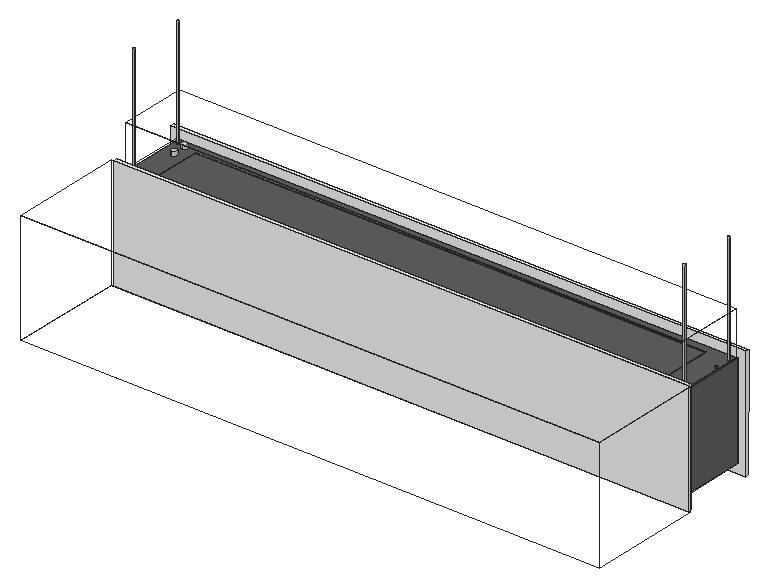
Revit family "191203_01_AIRTECNICS_AIR CURTAIN_ZEN BB_WATER HEATED (P)", category Mechanical Equipment, Revit 2016
Family settings
  Part Type = Normal
  Round Connector Dimension = Use Diameter
  OmniClass Number = 23.75.70.21.17
  OmniClass Title = Air Curtains
  Work Plane-Based = No
  Always vertical = Yes
  Cut with Voids When Loaded = No
  Shared = No
  Room Calculation Point = No
Parameters (values of type "ZEN BB 2500 P")
  · POSITION · [instance] = "-/ Select Curtain Position /-"  # constant formula
  · PIPES POSITION · [instance] = "-/ Select Pipes Position /-"  # constant formula
  · OTHERS · [instance] = "-/ Select Supports - Inst.Maint. Space /-"  # constant formula
  · HEATING · [instance] = "-/ Select Heating /-"  # constant formula
  Weight [instance] = size_lookup("ZEN BB_(P)_Data_Lookup", "Weight", 1.00 kg, CT, CH)  # 115.00 kg
  Water Pipes_P4 [instance] = no
  Water Pipes_P3 [instance] = no
  Water Pipes_P2 (Std) [instance] = if(or(Water Pipes_P1, Water Pipes_P3, Water Pipes_P4), 1 = 0, 1 = 1)  # yes
  Water Pipes_P1 [instance] = no
  Water Flow Connector [instance] = size_lookup("ZEN BB_(P)_Data_Lookup", "Water Flow_connector", 1.0 L/s, CT, CH)  # 0.555556 L/s
  Water Drop Pressure [instance] = size_lookup("ZEN BB_(P)_Data_Lookup", "Water Drop Pressure", 1.0 Pa, CT, CH)  # 11880.0 Pa
  Water Coil Volume [instance] = size_lookup("ZEN BB_(P)_Data_Lookup", "Water Coil Volume", 1.0 L, CT, CH)  # 3.3 L
  Water Coil Rows [instance] = size_lookup("ZEN BB_(P)_Data_Lookup", "Water Coil Rows", 1, CT, CH)  # 2
  Voltage [instance] = 230 V  # constant formula
  Vertical Right [instance] = no
  Vertical Left [instance] = no
  URL_Manufacturer = "https://www.airtecnics.com/"
  URL_Datasheet = "https://www.airtecnics.com/download/file/7538/zen-bb.pdf"
  Supports Length [instance] = 500.0 mm
  Supports (Horizontal) [instance] = yes
  Revit Version = "Revit 2016 - English"  # constant formula
  Review Date = "12/19"  # constant formula
  Remote Control = "-"  # constant formula
  URL = "https://www.airtecnics.com/products/air-curtain-zen-bb"
  Product Size = if(L = 1000.0 mm, "1000", if(L = 1500.0 mm, "1500", if(L = 2000.0 mm, "2000", "2500")))  # "2500"
  Product Reference [instance] = size_lookup("ZEN BB_(P)_Ref_Lookup", "", "Consult Manufacturer", CT, CH)  # "ZEN BB 2500 P86"
  Product Heating [instance] = if(and([P54 - 50/40ºC - 4 ROWS], not([P64 - 60/40ºC - 3 ROWS]), not([P86 - 80/60ºC - 2 ROWS])), "P54 - 50/40ºC - 4 ROWS", if(and([P64 - 60/40ºC - 3 ROWS], not([P54 - 50/40ºC - 4 ROWS]), not([P86 - 80/60ºC - 2 ROWS])), "P64 - 60/40ºC - 3 ROWS", if(and([P86 - 80/60ºC - 2 ROWS], not([P54 - 50/40ºC - 4 ROWS]), not([P64 - 60/40ºC - 3 ROWS])), "P86 - 80/60ºC - 2 ROWS", "Consult Manufacturer")))  # "P86 - 80/60ºC - 2 ROWS"
  Product Description [instance] = size_lookup("ZEN BB_(P)_Data_Lookup", "", "Consult Manufacturer", CT, CH)  # "Decorative air curtain in contemporary architectural style. Its minimalist and smart design integrates in any environment and offers infinite options to customize.\r\nThe panels can include logos, lighting, signage, safety or information signs, graphics, pictures, clocks, all according to customer specifications.\r\nFront anodized aluminium panels. Optionally manufactured in brushed or mirror polished stainless steel. Other materials are possible, such as galvanized steel, smooth or texturated skinplate, wood, etc.\r\nCentral structure made of galvanized steel finished in black forge as standard. Other colours are available on request. \r\nAnodized aluminium outlet vanes, airfoil shaped, adjustable in both directions.\r\nEC Double-inlet centrifugal fans driven by an external rotor motor and low noise level, with very low consumption efficency fans.\r\n“P” type with water heated coil. \r\nIncludes Clever control (programmable, automatic, intelligent, energy saving, Modbus RTU for BMS…)\r\nAir Volume: 8750 m3/h \r\nFans:  2,037 kW  9,03 A 230Vx1 50/60Hz\r\nHeating power: 46,38 kW (80/60ºC)\r\nDimensions: 341x513x2620 mm (depth, height, length)"
  Power Fans Factor [instance] = 0.98  # constant formula
  Power Fans [instance] = size_lookup("ZEN BB_(P)_Data_Lookup", "Power Fans", 1 kW, CT, CH)  # 2.037 kW
  P86 - 80/60ºC - 2 ROWS [instance] = if(or([P54 - 50/40ºC - 4 ROWS], [P64 - 60/40ºC - 3 ROWS]), 1 = 0, 1 = 1)  # yes
  P64 - 60/40ºC - 3 ROWS [instance] = no
  P54 - 50/40ºC - 4 ROWS [instance] = no
  P = 1 = 1  # yes
  Noise Level (dB(A)) [instance] = size_lookup("ZEN BB_(P)_Data_Lookup", "Noise Level (dB(A))", 1, CT, CH)  # 68
  Model = "Air Curtain ZEN BB P"  # constant formula
  Material Panels [instance] = AIRTECNICS_Alumium Anodized
  Material Grille = AIRTECNICS_Perforated_Black Forge
  Material Curtain [instance] = AIRTECNICS_Black Forge
  Mainfolds [instance] = if(and(CH = 2, or(CW = 0, CW = 4), or(CT = 16, CT = 32)), "2x 1 1/4'' F", if(and(CH = 2, or(CW = 2, CW = 8), or(CT = 16, CT = 32)), "2x 1 1/4'' M", if(or(CW = 2, CW = 8), "2x 1'' M", "2x 1'' F")))  # "2x 1'' F"
  Length = if(L = 1000.0 mm, 1220.0 mm, if(L = 1500.0 mm, 1620.0 mm, if(L = 2000.0 mm, 2120.0 mm, 2620.0 mm)))  # 2620.0 mm
  Height = 513.0 mm  # constant formula
  Heating Capacity [instance] = size_lookup("ZEN BB_(P)_Data_Lookup", "Heating Capacity", 1 kW, CT, CH)  # 42.12 kW
  Frequency = 50 Hz  # constant formula
  Fans Stage = 5  # constant formula
  Family Version = "3.0"  # constant formula
  Depth = 341.0 mm  # constant formula
  D_Pipping_Connector [instance] = if(and(L = 2500 mm, [P54 - 50/40ºC - 4 ROWS]), 31 mm, 25 mm)  # 25 mm
  Current Fans [instance] = size_lookup("ZEN BB_(P)_Data_Lookup", "Current Fans", 1 A, CT, CH)  # 9.03 A
  Created by = "BIMETRICAL"  # constant formula
  Control [instance] = "Clever Kit"  # constant formula
  Cable = "-"  # constant formula
  CW [instance] = if(Water Pipes_P1, 2, 0) + if(Water Pipes_P3, 4, 0) + if(Water Pipes_P4, 8, 0)  # 0
  CT = if(L = 1000.0 mm, 2, 0) + if(L = 1500.0 mm, 4, 0) + if(L = 2000.0 mm, 8, 0) + if(L = 2500.0 mm, 16, 0)  # 16
  CH [instance] = if([P54 - 50/40ºC - 4 ROWS], 2, 0) + if([P64 - 60/40ºC - 3 ROWS], 4, 0)  # 0
  Aspiration/Maintenance Space [instance] = yes
  Apparent Load [instance] = size_lookup("ZEN BB_(P)_Data_Lookup", "Apparent Load", 1 VA, CT, CH)  # 2079 VA
  Airflow [instance] = size_lookup("ZEN BB_(P)_Data_Lookup", "Airflow", 1 m³/h, CT, CH)  # 8750 m³/h
  A [instance] = if(Horizontal, 256.5 mm, if(L < 1500.0 mm, (1220.0 mm / 2) + 18.0 mm, (L + 120.0 mm) / 2 + 18.0 mm))  # 256.5 mm
  L = 2500.0 mm
  Type Image = <None>
  IfcExportType = "WATERHEATINGCOIL"  # constant formula
  IfcExportAs = "IfcCoilType"  # constant formula
  Horizontal [instance] = not(or(Vertical Right, Vertical Left))  # yes
  Manufacturer = "AIRTECNICS"  # constant formula
  Description = ""
  Type Comments = "Decorative air curtain in contemporary architectural style. Its minimalist and smart design integrates in any environment and offers infinite options to customize.\r\nThe panels can include logos, lighting, signage, safety or information signs, graphics, pictures, clocks, all according to customer specifications.\r\nFront anodized aluminium panels. Optionally manufactured in brushed or mirror polished stainless steel. Other materials are possible, such as galvanized steel, smooth or texturated skinplate, wood, etc.\r\nCentral structure made of galvanized steel finished in black forge as standard. Other colours are available on request. \r\nAnodized aluminium outlet vanes, airfoil shaped, adjustable in both directions.\r\nEC Double-inlet centrifugal fans driven by an external rotor motor and low noise level, with very low consumption efficency fans.\r\n“P” type with water heated coil. “E” type with electrical shielded elements, three stages with integrated regulation. “A” type without heating, air only. Optional expansion DX coil.\r\nIncludes Clever control (programmable, automatic, intelligent, energy saving, Modbus RTU for BMS…)"  # constant formula
  BIMETRICAL Category = "Coil"  # constant formula
  BIMETRICAL = "http://www.bimetrical.com"  # constant formula
  Angle [instance] = if(Horizontal, 90.00°, if(Vertical Left, 0.00°, 180.00°))  # 90.00°
Types (4, lengths in mm): name | Weight | Water Flow Connector | Water Drop Pressure | Water Coil Volume | Product Size | Product Reference | Product Description | Power Fans | Noise Level (dB(A)) | Length | Heating Capacity | Current Fans | CT | Apparent Load | Airflow | L
  ZEN BB 2500 P | 115.00 kg | 0.555556 L/s | 11880.0 Pa | 3.3 L | "2500" | "ZEN BB 2500 P86" | "Decorative air curtain in contemporary architectural style. Its minimalist and smart design integrates in any environment and offers infinite options to customize.\r\nThe panels can include logos, lighting, signage, safety or information signs, graphics, pictures, clocks, all according to customer specifications.\r\nFront anodized aluminium panels. Optionally manufactured in brushed or mirror polished stainless steel. Other materials are possible, such as galvanized steel, smooth or texturated skinplate, wood, etc.\r\nCentral structure made of galvanized steel finished in black forge as standard. Other colours are available on request. \r\nAnodized aluminium outlet vanes, airfoil shaped, adjustable in both directions.\r\nEC Double-inlet centrifugal fans driven by an external rotor motor and low noise level, with very low consumption efficency fans.\r\n“P” type with water heated coil. \r\nIncludes Clever control (programmable, automatic, intelligent, energy saving, Modbus RTU for BMS…)\r\nAir Volume: 8750 m3/h \r\nFans:  2,037 kW  9,03 A 230Vx1 50/60Hz\r\nHeating power: 46,38 kW (80/60ºC)\r\nDimensions: 341x513x2620 mm (depth, height, length)" | 2.037 kW | 68 | 2620.0 | 42.12 kW | 9.03 A | 16 | 2079 VA | 8750 m³/h | 2500.0
  ZEN BB 2000 P | 95.00 kg | 0.444444 L/s | 12680.0 Pa | 2.6 L | "2000" | "ZEN BB 2000 P86" | "Decorative air curtain in contemporary architectural style. Its minimalist and smart design integrates in any environment and offers infinite options to customize.\r\nThe panels can include logos, lighting, signage, safety or information signs, graphics, pictures, clocks, all according to customer specifications.\r\nFront anodized aluminium panels. Optionally manufactured in brushed or mirror polished stainless steel. Other materials are possible, such as galvanized steel, smooth or texturated skinplate, wood, etc.\r\nCentral structure made of galvanized steel finished in black forge as standard. Other colours are available on request. \r\nAnodized aluminium outlet vanes, airfoil shaped, adjustable in both directions.\r\nEC Double-inlet centrifugal fans driven by an external rotor motor and low noise level, with very low consumption efficency fans.\r\n“P” type with water heated coil. \r\nIncludes Clever control (programmable, automatic, intelligent, energy saving, Modbus RTU for BMS…)\r\nAir Volume: 7500 m3/h \r\nFans:  1,746 kW  7,74 A 230Vx1 50/60Hz\r\nHeating power: 38,44 kW (80/60ºC)\r\nDimensions: 341x513x2120 mm (depth, height, length)" | 1.746 kW | 67 | 2120.0 | 35.04 kW | 7.74 A | 8 | 1782 VA | 7500 m³/h | 2000.0
  ZEN BB 1500 P | 68.50 kg | 0.277778 L/s | 15260.0 Pa | 1.8 L | "1500" | "ZEN BB 1500 P86" | "Decorative air curtain in contemporary architectural style. Its minimalist and smart design integrates in any environment and offers infinite options to customize.\r\nThe panels can include logos, lighting, signage, safety or information signs, graphics, pictures, clocks, all according to customer specifications.\r\nFront anodized aluminium panels. Optionally manufactured in brushed or mirror polished stainless steel. Other materials are possible, such as galvanized steel, smooth or texturated skinplate, wood, etc.\r\nCentral structure made of galvanized steel finished in black forge as standard. Other colours are available on request. \r\nAnodized aluminium outlet vanes, airfoil shaped, adjustable in both directions.\r\nEC Double-inlet centrifugal fans driven by an external rotor motor and low noise level, with very low consumption efficency fans.\r\n“P” type with water heated coil. \r\nIncludes Clever control (programmable, automatic, intelligent, energy saving, Modbus RTU for BMS…)\r\nAir Volume: 5000 m3/h \r\nFans:  1,164 kW  5,16 A 230Vx1 50/60Hz\r\nHeating power: 26,46 kW (80/60ºC)\r\nDimensions: 341x513x1620 mm (depth, height, length)" | 1.164 kW | 66 | 1620.0 | 24.15 kW | 5.16 A | 4 | 1188 VA | 5000 m³/h | 1500.0
  ZEN BB 1000 P | 47.50 kg | 0.222222 L/s | 12180.0 Pa | 1.1 L | "1000" | "ZEN BB 1000 P86" | "Decorative air curtain in contemporary architectural style. Its minimalist and smart design integrates in any environment and offers infinite options to customize.\r\nThe panels can include logos, lighting, signage, safety or information signs, graphics, pictures, clocks, all according to customer specifications.\r\nFront anodized aluminium panels. Optionally manufactured in brushed or mirror polished stainless steel. Other materials are possible, such as galvanized steel, smooth or texturated skinplate, wood, etc.\r\nCentral structure made of galvanized steel finished in black forge as standard. Other colours are available on request. \r\nAnodized aluminium outlet vanes, airfoil shaped, adjustable in both directions.\r\nEC Double-inlet centrifugal fans driven by an external rotor motor and low noise level, with very low consumption efficency fans.\r\n“P” type with water heated coil. \r\nIncludes Clever control (programmable, automatic, intelligent, energy saving, Modbus RTU for BMS…)\r\nAir Volume: 3750 m3/h \r\nFans:  0,873 kW  3,87 A 230Vx1 50/60Hz\r\nHeating power: 18,21 kW (80/60ºC)\r\nDimensions: 341x513x1220 mm (depth, height, length)" | 0.873 kW | 65 | 1220.0 | 16.48 kW | 3.87 A | 2 | 891 VA | 3750 m³/h | 1000.0
Reference planes
  plane 1 "Centro (Frontal/Posterior)": z = 0
  plane 2: y = 246.57
  plane 3 "Centro (Izquierda/Derecha)": x = 0
  plane 4 "Susp": z = 256.5
Lines and regions (mm)
  reference lines
    curve 1: line (0, 246.57, 256.5) -> (0, 246.57, -83.5)
Dimensions and locks
  "A": plane 4 "Susp" to plane 1 "Centro (Frontal/Posterior)"
  "Angle": angle curve 1 to plane 4 "Susp"
  aligned and locked: plane 4 "Susp" to curve 1
  aligned and locked: plane 3 "Centro (Izquierda/Derecha)" to curve 1
Nested families
  nested 1: "GEOM_ZEN BB" at (0, 246.57, 256.5), type "GEOM_ZEN BB"
Connectors
  piping at (-1217.06, 363.07, 488.02), diameter 25, driven by "Water Flow Connector", driven by "D_Pipping_Connector"
    settings: on nested 1, index 1, connector inside diameter 609.6 mm, connector length 0.0 mm, flow factor 0, pipe flow 0.555556 L/s, pressure drop 0.0 Pa, fitting loss kfactor 0, connector angle 0.00°, fixture units 0, engagement length 0.0 mm, angle of deflection 0.00°, flow configuration 1, flow direction 2, fitting loss method 0, system type 7, joint type 0, gender type 0, connector reference index -1, connector utility 0, adjustable connector no, is connector primary yes, connector description "Out"
  piping at (-1217.06, 303.02, 488.02), diameter 25, driven by "Water Flow Connector", driven by "Water Drop Pressure", driven by "D_Pipping_Connector"
    settings: on nested 1, index 2, connector inside diameter 609.6 mm, connector length 0.0 mm, flow factor 0, pipe flow 0.555556 L/s, pressure drop 11880.0 Pa, fitting loss kfactor 0, connector angle 0.00°, fixture units 0, engagement length 0.0 mm, angle of deflection 0.00°, flow configuration 1, flow direction 1, fitting loss method 4, system type 7, joint type 0, gender type 0, connector reference index -1, connector utility 0, adjustable connector no, is connector primary no, connector description "In"
  electrical at (1255.5, 301.57, 473), driven by "Voltage", driven by "Apparent Load", driven by "Power Fans Factor"
    settings: on nested 1, index 3, voltage 230 V, apparent load 2079 VA, apparent load phase1 0 VA, apparent load phase2 0 VA, apparent load phase3 0 VA, power factor 0.98, load classification "HVAC", number of poles 1, system type 30, power factor state 1, is connector primary yes, connector utility no, sub classification motor no, connector description ""
Definition of nested family "GEOM_ZEN BB"
  Parameters (values of type "GEOM_ZEN BB")
    Z = if(Horizontal, 0.0 mm, if(L = 1000.0 mm, E / 2 + 18.0 mm, E / 2 + 20.0 mm))  # 0.0 mm
    Water Pipes_P4 = no
    Water Pipes_P3 = no
    Water Pipes_P2 = yes
    Water Pipes_P1 = no
    Vsup = yes
    Vertical Right = no
    Vertical Left = no
    VME = if(not([Aspiration/Maintenance Space]), 1 = 0, if(and(P, Vertical Right, Water Pipes_P4), 1 = 0, if(not(P), 1 = 0, 1 = 1)))  # yes
    VMD = if(not([Aspiration/Maintenance Space]), 1 = 0, if(and(P, Vertical Left, Water Pipes_P1), 1 = 0, if(not(P), 1 = 0, 1 = 1)))  # yes
    V1 = if(and(Vsup, Horizontal), 1 = 1, 1 = 0)  # yes
    Revit Version = "Revit 2016 - English"  # constant formula
    Review Date = "12/19"  # constant formula
    P = yes
    O = if(L = 1000.0 mm, 54.5 mm, 52.5 mm)  # 52.5 mm
    Model = "ZEN BB"  # constant formula
    Material Perforated = none
    Material Panels = none
    Material Curtain = none
    Family Version = "3.0"  # constant formula
    Manufacturer = "AIRTECNICS"  # constant formula
    M = if(or(and(Vertical Left, Water Pipes_P1), and(Vertical Right, Water Pipes_P4)), 15.0 mm + 58.0 mm, 15.0 mm)  # 15.0 mm
    Lookup_Dimensions.C2_Name = "C2_Dimensions_Lookup"  # constant formula
    Lookup_Dimensions.C1_Name = "C1_Dimensions_Lookup"  # constant formula
    L_Sup = 500.0 mm
    K = if(L = 2500.0 mm, 833.0 mm, 0.0 mm)  # 833.0 mm
    J = if(L = 1500.0 mm, 764.0 mm, if(L = 2000.0 mm, 1014.0 mm, if(L = 2500.0 mm, 847.0 mm, 573.5 mm)))  # 847.0 mm
    H = if(L < 2500.0 mm, 0.0 mm, 817.0 mm + 16.0 mm)  # 833.0 mm
    G = if(L < 2500.0 mm, (E / 2) - 76.0 mm, 817.0 mm)  # 817.0 mm
    D_Pipping_Connector = 25 mm
    Created by = "BIMETRICAL"  # constant formula
    C_P = if(Water Pipes_P1, 1, if(Water Pipes_P2, 2, if(Water Pipes_P3, 4, 8)))  # 2
    C_L = if(L = 1000.0 mm, 1, if(L = 1500.0 mm, 2, if(L = 2000.0 mm, 4, 8)))  # 8
    C2_D = size_lookup(Lookup_Dimensions.C2_Name, "C2_D", 114.0 mm, C_L, C_P)  # 114.0 mm
    C2_C = size_lookup(Lookup_Dimensions.C2_Name, "C2_C", 68.5 mm, C_L, C_P)  # 68.5 mm
    C2_B = size_lookup(Lookup_Dimensions.C2_Name, "C2_B", 92.9 mm, C_L, C_P)  # 92.94 mm
    C2_A = size_lookup(Lookup_Dimensions.C2_Name, "C2_A", 404.5 mm, C_L, C_P)  # 404.52 mm
    C1_D = size_lookup(Lookup_Dimensions.C1_Name, "C1_D", 54.0 mm, C_L, C_P)  # 54.0 mm
    C1_C = size_lookup(Lookup_Dimensions.C1_Name, "C1_C", 26.5 mm, C_L, C_P)  # 26.52 mm
    C1_B = size_lookup(Lookup_Dimensions.C1_Name, "C1_B", 92.9 mm, C_L, C_P)  # 92.94 mm
    C1_A = size_lookup(Lookup_Dimensions.C1_Name, "C1_A", 447.5 mm, C_L, C_P)  # 446.5 mm
    L = 2500.0 mm
    I = if(L = 1000.0 mm, L + 140.0 mm, L + 44.0 mm)  # 2544.0 mm
    Horizontal = not(or(Vertical Left, Vertical Right))  # yes
    F = I - 54.0 mm  # 2490.0 mm
    E = if(L = 1000.0 mm, L + 220.0 mm, L + 120.0 mm)  # 2620.0 mm
    Default Elevation = 1219.2 mm
    C = if(and(Water Pipes_P4, Horizontal, P), 100.0 mm, if(and(Water Pipes_P4, Vertical Left, P), 100.0 mm, 10.0 mm))  # 10.0 mm
    BIMETRICAL = "http://www.bimetrical.com/"  # constant formula
    B = if(and(Water Pipes_P1, Horizontal, P), 100.0 mm, if(and(Water Pipes_P1, Vertical Right, P), 100.0 mm, 10.0 mm))  # 10.0 mm
    Aspiration/Maintenance Space = yes
    A.Conn_2 = size_lookup(Lookup_Dimensions.C2_Name, "A.Conn_2", 90.00°, C_L, C_P)  # 90.00°
    A.Conn_1 = size_lookup(Lookup_Dimensions.C1_Name, "A.Conn_1", -90.00°, C_L, C_P)  # -90.00°
    A = if(L = 1000.0 mm, L + 115.0 mm, L + 15.0 mm)  # 2515.0 mm
  Reference planes
    plane 1 "Centro (Frontal/Posterior)": y = 0
    plane 2: z = 0
    plane 3 "Centro (Izquierda/Derecha)": x = 0
    plane 4: x = -1310
    plane 5: x = 1310
    plane 6: x = -1270
    plane 7: x = 1270
    plane 8: z = 256.5
    plane 9: z = -256.5
    plane 10: z = 216.5
    plane 11: z = -216.5
    plane 12: y = 170.5
    plane 13: y = 154.5
    plane 14: y = -170.5
    plane 15: y = -154.5
    plane 16: x = -1245
    plane 17: x = 1245
    plane 18: x = -417
    plane 19: x = -422
    plane 20: x = -425
    plane 21: x = -412
    plane 22: x = -409
    plane 23: x = -1242
    plane 24: x = 416
    plane 25: x = 411
    plane 26: x = 408
    plane 27: x = 421
    plane 28: x = 424
    plane 29: y = 116.5
    plane 30: x = -1217.06
    plane 31: z = 190
    plane 32: y = 56.5
    plane 33: z = 148.02
    plane 34: x = -1217.06
    plane 35: x = -820
    plane 36: x = 1320
    plane 37: y = 133.499
    plane 38: y = 64.222
    plane 39: y = 114.86
    plane 40: y = 82.86
  Forms (mm)
    Extrusion 1, solid
      sketch origin (0, 0, 0) x (1, 0, 0) y (0, 1, 0)
        loop
          line (-1219.2, 1219.2) -> (-1219.2, -1219.2) -> (1219.2, -1219.2) -> (1219.2, 1219.2) -> (-1219.2, 1219.2)
      from 0 to -304.8
    Extrusion 2, solid, material <- "Material Panels"
      sketch origin (0, -170.5, 326.389) x (0, 0, 1) y (1, 0, 0)
        loop
          line (-69.889, -1310) -> (-69.889, 1310) -> (-582.889, 1310) -> (-582.889, -1310) -> (-69.889, -1310)
      from 0 to 16
    Extrusion 3, solid, material <- "Material Panels"
      sketch origin (0, 154.5, 326.389) x (0, 0, 1) y (1, 0, 0)
        loop
          line (-69.889, -1310) -> (-69.889, 1310) -> (-582.889, 1310) -> (-582.889, -1310) -> (-69.889, -1310)
      from 0 to 16
    Extrusion 4, solid, material <- "Material Curtain"
      sketch origin (0, 0, 0) x (0, 1, 0) y (0, 0, 1)
        loop
          line (154.5, 216.5) -> (-154.5, 216.5) -> (-154.5, -216.5) -> (154.5, -216.5) -> (154.5, 216.5)
      from -1270 to 1270
    Extrusion 5, void
      sketch origin (-1104.823, -4572, 216.5) x (-1, 0, 0) y (0, -1, 0)
        loop
          line (60.177, -4686) -> (60.177, -4458) -> (-2264.323, -4458) -> (-2264.323, -4686) -> (60.177, -4686)
      from 0 to -93
    Extrusion 6, solid
      sketch origin (-1245, -4572, -102.205) x (0, 0, 1) y (0, -1, 0)
        loop
          line (-114.295, -4654.86) -> (-114.295, -4686.86) -> (-82.295, -4686.86) -> (-82.295, -4654.86) -> (-114.295, -4654.86)
      from 0 to 3
    Extrusion 7, solid
      sketch origin (995, -4572, -102.205) x (0, 0, 1) y (0, 1, 0)
        loop
          line (-114.295, 4686.86) -> (-114.295, 4654.86) -> (-82.295, 4654.86) -> (-82.295, 4686.86) -> (-114.295, 4686.86)
      from -250 to -247
    Extrusion 8, solid
      sketch origin (-425, -4572, -85.115) x (0, 0, 1) y (0, -1, 0)
        loop
          line (-131.385, -4654.86) -> (-131.385, -4686.86) -> (-99.385, -4686.86) -> (-99.385, -4654.86) -> (-131.385, -4654.86)
      from 0 to 3
    Extrusion 9, solid
      sketch origin (-540.688, -4572, -85.115) x (0, 0, 1) y (0, -1, 0)
        loop
          line (-131.385, -4686.86) -> (-99.385, -4686.86) -> (-99.385, -4654.86) -> (-131.385, -4654.86) -> (-131.385, -4686.86)
      from 128.688 to 131.688
    Extrusion 10, solid
      sketch origin (-422, -4572, -85.115) x (0, 0, 1) y (0, -1, 0)
        loop
          line (-131.385, -4705.499) -> (-99.385, -4705.499) -> (-99.385, -4636.222) -> (-131.385, -4636.222) -> (-131.385, -4705.499)
      from 0 to 10
    Extrusion 11, solid
      sketch origin (408, -4572, -85.115) x (0, 0, 1) y (0, -1, 0)
        loop
          line (-131.385, -4686.86) -> (-99.385, -4686.86) -> (-99.385, -4654.86) -> (-131.385, -4654.86) -> (-131.385, -4686.86)
      from 0 to 3
    Extrusion 12, solid
      sketch origin (292.312, -4572, -85.115) x (0, 0, 1) y (0, -1, 0)
        loop
          line (-131.385, -4686.86) -> (-99.385, -4686.86) -> (-99.385, -4654.86) -> (-131.385, -4654.86) -> (-131.385, -4686.86)
      from 128.688 to 131.688
    Extrusion 13, solid
      sketch origin (411, -4572, -85.115) x (0, 0, 1) y (0, -1, 0)
        loop
          line (-131.385, -4636.222) -> (-131.385, -4705.499) -> (-99.385, -4705.499) -> (-99.385, -4636.222) -> (-131.385, -4636.222)
      from 0 to 10
    Extrusion 14, solid, visible <- "P"
      sketch origin (-1217.175, 117.26, 216.52) x (0, 1, 0) y (-1, 0, 0)
        loop
          circle (-0.76, -0.115) r 12.5
      from 0 to 15 <- "M"
    Extrusion 15, solid, visible <- "P"
      sketch origin (-1179.776, 56.5, 216.52) x (0, 1, 0) y (-1, 0, 0)
        loop
          circle (-0.05, 37.284) r 12.5
      from 0 to 15 <- "M"
    Extrusion 16, solid, material <- "Material Curtain"
      sketch origin (-1104.823, -4572, 216.5) x (-1, 0, 0) y (0, -1, 0)
        loop
          circle (-2360.323, -4627) r 5
      from 0 to -1
    Extrusion 17, solid, visible <- "Aspiration/Maintenance Space"
      sketch origin (-422, -4572, -85.115) x (0, 0, 1) y (0, -1, 0)
        loop
          line (501.615, -4726.5) -> (501.615, -4417.5) -> (301.615, -4417.5) -> (301.615, -4726.5) -> (501.615, -4726.5)
      from -848 to 1692
    Extrusion 18, solid, visible <- "Aspiration/Maintenance Space"
      sketch origin (-422, -4572, -85.115) x (0, 0, 1) y (0, -1, 0)
        loop
          line (341.615, -4401.5) -> (341.615, -3881.5) -> (-171.385, -3881.5) -> (-171.385, -4401.5) -> (341.615, -4401.5)
      from -898 to 1742
    Extrusion 19, solid, visible <- "V1"
      sketch origin (-1104.823, -4572, 216.5) x (-1, 0, 0) y (0, -1, 0)
        loop
          circle (150.677, -4698) r 4
        loop
          circle (150.677, -4446) r 4
        loop
          circle (-2360.323, -4698) r 4
        loop
          circle (-2360.323, -4446) r 4
      from -1 to 500
    Extrusion 20, solid, material <- "Material Curtain", visible <- "Vertical Left"
      sketch origin (-1270, -4572, 335.707) x (0, 0, 1) y (0, -1, 0)
        loop
          line (-119.207, -4726.5) -> (-119.207, -4417.5) -> (-552.207, -4417.5) -> (-552.207, -4726.5) -> (-119.207, -4726.5)
      from 0 to -58
    Extrusion 21, solid, material <- "Material Curtain", visible <- "Vertical Right"
      sketch origin (1270, -4572, 335.707) x (0, 0, 1) y (0, 1, 0)
        loop
          line (-552.207, 4417.5) -> (-119.207, 4417.5) -> (-119.207, 4726.5) -> (-552.207, 4726.5) -> (-552.207, 4417.5)
      from 0 to -58
    Extrusion 22, void
      sketch origin (-422, -4572, -85.115) x (0, 0, 1) y (0, -1, 0)
        loop
          line (-62.286, -4705.499) -> (-62.286, -4636.222) -> (-131.385, -4636.222) -> (-131.385, -4705.499) -> (-62.286, -4705.499)
      from -823 to 1667
    Extrusion 23, solid
      sketch origin (-422, -4572, -85.115) x (0, 0, 1) y (0, -1, 0)
        loop
          arc (-128.628, -4679.508) -> (-129.788, -4680.87) -> (-128.6, -4682.207) r 1.363
          line (-128.6, -4682.207) -> (-109.335, -4685.649)
          arc (-109.335, -4685.649) -> (-105.016, -4680.91) -> (-109.832, -4676.675) r 4.495
          line (-109.832, -4676.675) -> (-128.628, -4679.508)
        loop
          line (-128.569, -4662.571) -> (-109.226, -4665.545)
          arc (-109.226, -4665.545) -> (-105.023, -4660.702) -> (-109.94, -4656.586) r 4.495
          line (-109.94, -4656.586) -> (-128.663, -4659.873)
          arc (-128.663, -4659.873) -> (-129.789, -4661.263) -> (-128.569, -4662.571) r 1.363
      from -823 to 1667
    Extrusion 24, solid, visible <- "VMD"
      sketch origin (-1270, -4572, 335.707) x (0, 0, 1) y (0, -1, 0)
        loop
          line (-119.207, -4726.5) -> (-119.207, -4417.5) -> (-552.207, -4417.5) -> (-552.207, -4726.5) -> (-119.207, -4726.5)
      from 0 to -10
    Extrusion 25, solid, visible <- "VME"
      sketch origin (1270, -4572, 335.707) x (0, 0, 1) y (0, 1, 0)
        loop
          line (-552.207, 4726.5) -> (-552.207, 4417.5) -> (-119.207, 4417.5) -> (-119.207, 4726.5) -> (-552.207, 4726.5)
      from 0 to -10
    Extrusion 26, solid, material <- "Material Perforated"
      sketch origin (4942.502, -2468.783, 211.5) x (0, -1, 0) y (1, 0, 0)
        loop
          line (-2354.783, -6107.502) -> (-2354.783, -3783.002) -> (-2582.783, -3783.002) -> (-2582.783, -6107.502) -> (-2354.783, -6107.502)
      from 0 to 5
  Cuts and joins
    Extrusion 5, Extrusion 22 cuts Extrusion 4
    Extrusion 22 cuts Extrusion 21
  Lines and regions (mm)
    reference lines
      curve 1: line (-1217.06, 116.5, 190) -> (-1217.06, 116.5, 216.52)
      curve 2: line (-1217.06, 56.5, 148.02) -> (-1217.06, 56.5, 216.52)
    symbolic lines, visible <- "Aspiration/Maintenance Space"
      curve 3: line (-422, 154.5, 216.5) -> (-422, 154.5, 416.5)
      curve 4: line (-422, 154.5, 416.5) -> (-422, -154.5, 416.5)
      curve 5: line (-422, -154.5, 416.5) -> (-422, -154.5, 216.5)
      curve 6: line (-422, -170.5, 256.5) -> (-422, -690.5, 256.5)
      curve 7: line (-422, -690.5, 256.5) -> (-422, -690.5, -256.5)
      curve 8: line (-422, -690.5, -256.5) -> (-422, -170.5, -256.5)
      curve 9: line (-1270, 56.5, 256.5) -> (-1270, 56.5, 416.5)
      curve 10: line (-1270, 56.5, 416.5) -> (1270, 56.5, 416.5)
      curve 11: line (1270, 56.5, 416.5) -> (1270, 56.5, 256.5)
      curve 12: line (-1310, 56.5, 256.5) -> (-1320, 56.5, 256.5)
      curve 13: line (-1320, 56.5, 256.5) -> (-1320, 56.5, -256.5)
      curve 14: line (-1320, 56.5, -256.5) -> (-1310, 56.5, -256.5)
      curve 15: line (1310, 56.5, 256.5) -> (1320, 56.5, 256.5)
      curve 16: line (1320, 56.5, 256.5) -> (1320, 56.5, -256.5)
      curve 17: line (1320, 56.5, -256.5) -> (1310, 56.5, -256.5)
      curve 18: line (-1310, -170.5, 216.5) -> (-1320, -170.5, 216.5)
      curve 19: line (-1320, -170.5, 216.5) -> (-1320, -690.5, 216.5)
      curve 20: line (-1320, -690.5, 216.5) -> (1320, -690.5, 216.5)
      curve 21: line (1320, -690.5, 216.5) -> (1320, -170.5, 216.5)
      curve 22: line (1320, -170.5, 216.5) -> (1310, -170.5, 216.5)
    symbolic lines
      curve 23: line (-1310, 170.5, 216.5) -> (1310, 170.5, 216.5)
      curve 24: line (-1310, 154.5, 216.5) -> (-1310, 170.5, 216.5)
      curve 25: line (1310, 154.5, 216.5) -> (-1310, 154.5, 216.5)
      curve 26: line (1310, 170.5, 216.5) -> (1310, 154.5, 216.5)
      curve 27: line (-1310, -154.5, 216.5) -> (1310, -154.5, 216.5)
      curve 28: line (-1310, -170.5, 216.5) -> (-1310, -154.5, 216.5)
      curve 29: line (1310, -170.5, 216.5) -> (-1310, -170.5, 216.5)
      curve 30: line (1310, -154.5, 216.5) -> (1310, -170.5, 216.5)
      curve 31: line (-1270, -154.5, 216.5) -> (1270, -154.5, 216.5)
      curve 32: line (-1270, 154.5, 216.5) -> (-1270, -154.5, 216.5)
      curve 33: line (1270, 154.5, 216.5) -> (-1270, 154.5, 216.5)
      curve 34: line (1270, -154.5, 216.5) -> (1270, 154.5, 216.5)
      curve 35: line (-422, -154.5, 256.5) -> (-422, -170.5, 256.5)
      curve 36: line (-422, -154.5, -256.5) -> (-422, -154.5, 256.5)
      curve 37: line (-422, -170.5, -256.5) -> (-422, -154.5, -256.5)
      curve 38: line (-422, -170.5, 256.5) -> (-422, -170.5, -256.5)
      curve 39: line (-422, 154.5, 216.5) -> (-422, -154.5, 216.5)
      curve 40: line (-422, 154.5, -216.5) -> (-422, -154.5, -216.5)
      curve 41: line (-422, 170.5, 256.5) -> (-422, 154.5, 256.5)
      curve 42: line (-422, 170.5, -256.5) -> (-422, 170.5, 256.5)
      curve 43: line (-422, 154.5, -256.5) -> (-422, 170.5, -256.5)
      curve 44: line (-422, 154.5, 256.5) -> (-422, 154.5, -256.5)
      curve 45: arc (-422, 107.508, -213.743) -> (-422, 108.87, -214.903) -> (-422, 110.207, -213.715) r 1.363
      curve 46: line (-422, 110.207, -213.715) -> (-422, 113.649, -194.45)
      curve 47: arc (-422, 113.649, -194.45) -> (-422, 108.91, -190.131) -> (-422, 104.675, -194.947) r 4.495
      curve 48: line (-422, 104.675, -194.947) -> (-422, 107.508, -213.743)
      curve 49: line (-422, 90.571, -213.684) -> (-422, 93.545, -194.342)
      curve 50: line (-422, 84.586, -195.055) -> (-422, 87.873, -213.778)
      curve 51: arc (-422, 87.873, -213.778) -> (-422, 89.263, -214.904) -> (-422, 90.571, -213.684) r 1.363
      curve 52: arc (-422, 93.545, -194.342) -> (-422, 88.702, -190.138) -> (-422, 84.586, -195.055) r 4.495
      curve 53: line (-1245, 93.545, 216.5) -> (1245, 93.545, 216.5)
      curve 54: line (-1245, 84.565, 216.5) -> (-1245, 93.545, 216.5)
      curve 55: line (1245, 84.565, 216.5) -> (-1245, 84.565, 216.5)
      curve 56: line (1245, 93.545, 216.5) -> (1245, 84.565, 216.5)
      curve 57: line (1245, 104.458, 216.5) -> (-1245, 104.458, 216.5)
      curve 58: line (1245, 113.432, 216.5) -> (1245, 104.458, 216.5)
      curve 59: line (-1245, 113.432, 216.5) -> (1245, 113.432, 216.5)
      curve 60: line (-1245, 104.458, 216.5) -> (-1245, 113.432, 216.5)
  Dimensions and locks
    equal spacing: plane 5, plane 3 "Centro (Izquierda/Derecha)", plane 4
    "E": plane 5 to plane 4
    locked: plane 6 to plane 4 at 40
    locked: plane 7 to plane 5 at 40
    equal spacing: plane 8, level, plane 9
    locked: plane 8 to level at 256.5
    plane 8 to plane 9 = 513.0 mm
    locked: plane 8 to plane 10 at 40
    locked: plane 9 to plane 11 at 40
    locked: plane 12 to plane 13 at 16
    locked: plane 14 to plane 15 at 16
    locked: plane 12 to plane 1 "Centro (Frontal/Posterior)" at 170.5
    equal spacing: plane 12, plane 1 "Centro (Frontal/Posterior)", plane 14
    equal spacing: Extrusion 5 sketch curve, plane 1 "Centro (Frontal/Posterior)", Extrusion 5 sketch curve
    locked: Extrusion 5 sketch curve to Extrusion 5 sketch curve at 228
    locked: plane 4 to Extrusion 5 sketch curve at 145
    locked: Extrusion 5 sketch curve to plane 5 at 150.5
    locked: plane 16 to plane 4 at 65
    locked: plane 17 to plane 5 at 65
    locked: Extrusion 7 to plane 17 at 3
    plane 22 to plane 21 to plane 18 to plane 19 to plane 20 = 3.0 mm locked, 5.0 mm locked, 5.0 mm locked, 3.0 mm locked
    locked: plane 23 to plane 16 at 3
    "G": plane 20 to plane 23
    plane 28 to plane 27 to plane 24 to plane 25 to plane 26 = 3.0 mm locked, 5.0 mm locked, 5.0 mm locked, 3.0 mm locked
    "H": plane 26 to plane 20
    locked: plane 10 to cut or joined group of Extrusion 4, Extrusion 5, Extrusion 22 at 93
    "C1_D": plane 29 to plane 12
    "C1_B": plane 30 to plane 4
    "C1_A": plane 31 to plane 9
    "C1_C": curve 1 to curve 1
    "C2_D": plane 32 to plane 12
    "C2_A": plane 33 to plane 9
    "C2_B": plane 34 to plane 4
    plane 34 to plane 7 = 2487.06 mm
    "C2_C": curve 2 to curve 2
    locked: Extrusion 16 sketch curve to plane 12 at 115.5
    locked: Extrusion 16 sketch curve to plane 7 at 14.5
    Extrusion 17 sketch curve to plane 10 = 200.0 mm
    locked: plane 14 to Extrusion 18 sketch curve at 520
    locked: Extrusion 18 to plane 4 at 10
    plane 36 to plane 5 = 10.0 mm
    locked: plane 6 to Extrusion 19 sketch curve at 14.5  (x2)
    locked: Extrusion 19 sketch curve to plane 12 at 44.5  (x2)
    locked: Extrusion 19 sketch curve to plane 14 at 44.5  (x2)
    locked: Extrusion 19 sketch curve to plane 7 at 14.5  (x2)
    "L_Sup": Extrusion 19 to plane 10
    plane 13 to Extrusion 22 sketch curve to Extrusion 22 sketch curve = 21.001 mm locked, 69.277 mm locked
    plane 12 to plane 39 to plane 40 = 55.64 mm locked, 32.0 mm locked
    Extrusion 23 sketch curve to Extrusion 23 sketch curve to plane 12 = 20.099 mm locked, 61.342 mm locked
    plane 10 to plane 31 = 26.5 mm
    plane 10 to plane 33 = 68.48 mm
    "C": Extrusion 25 to plane 7
    Extrusion 20 to plane 6 = 58.0 mm
    "B": Extrusion 24 to plane 6
    "D_Pipping_Connector": diameter of Extrusion 14 sketch curve
    "D_Pipping_Connector": diameter of Extrusion 15 sketch curve
    "A.Conn_1": angle plane 31 to curve 1
    "A.Conn_2": angle curve 2 to plane 33
    aligned and locked: plane 2 to Extrusion 1
    aligned and locked: level to Extrusion 1
    aligned and locked: Extrusion 2 sketch curve to plane 8
    aligned and locked: Extrusion 2 sketch curve to plane 4
    aligned and locked: Extrusion 2 sketch curve to plane 9
    aligned and locked: plane 5 to Extrusion 2 sketch curve
    aligned and locked: plane 15 to Extrusion 2
    aligned and locked: Extrusion 3 to plane 12
    aligned and locked: plane 13 to Extrusion 3
    aligned and locked: plane 10 to Extrusion 4 sketch curve
    aligned and locked: Extrusion 4 sketch curve to plane 13
    aligned and locked: plane 11 to Extrusion 4 sketch curve
    aligned and locked: Extrusion 4 sketch curve to plane 15
    aligned and locked: Extrusion 4 to plane 6
    aligned and locked: Extrusion 4 to plane 7
    aligned and locked: plane 19 to Extrusion 8
    aligned and locked: plane 21 to Extrusion 9
    aligned and locked: Extrusion 9 to plane 22
    aligned and locked: Extrusion 10 to plane 21
    aligned and locked: Extrusion 10 to plane 19
    aligned and locked: plane 23 to Extrusion 6
    aligned and locked: Extrusion 7 to plane 17
    aligned and locked: plane 25 to Extrusion 11
    aligned and locked: plane 27 to Extrusion 12
    aligned and locked: Extrusion 12 to plane 28
    aligned and locked: Extrusion 13 to plane 27
    aligned and locked: Extrusion 13 to plane 25
    aligned and locked: plane 30 to curve 1
    aligned and locked: plane 31 to curve 1
    aligned and locked: plane 34 to curve 2
    aligned and locked: plane 33 to curve 2
    aligned and locked: Extrusion 17 sketch curve to cut or joined group of Extrusion 4, Extrusion 5, Extrusion 22
    aligned and locked: plane 15 to Extrusion 17 sketch curve
    aligned and locked: Extrusion 17 to plane 7
    aligned and locked: Extrusion 17 to plane 6
    aligned and locked: Extrusion 18 sketch curve to plane 14
    aligned and locked: Extrusion 18 to plane 36
    aligned and locked: curve 11 to Extrusion 17
    aligned and locked: plane 6 to curve 9
    aligned and locked: curve 13 to Extrusion 18
    aligned and locked: plane 36 to curve 21
    aligned and locked: curve 23 to Extrusion 3
    aligned and locked: curve 24 to Extrusion 3
    aligned and locked: curve 25 to Extrusion 3
    aligned and locked: curve 26 to Extrusion 3
    aligned and locked: curve 27 to Extrusion 2
    aligned and locked: curve 28 to Extrusion 2
    aligned and locked: curve 22 to curve 29
    aligned and locked: curve 30 to Extrusion 2
    aligned and locked: curve 27 to curve 31
    aligned and locked: curve 32 to cut or joined group of Extrusion 4, Extrusion 5, Extrusion 22
    aligned and locked: curve 25 to curve 33
    aligned and locked: curve 34 to cut or joined group of Extrusion 4, Extrusion 5, Extrusion 22
    aligned and locked: curve 35 to Extrusion 2
    aligned and locked: curve 36 to curve 5
    aligned and locked: curve 8 to curve 37
    aligned and locked: curve 38 to Extrusion 2
    aligned and locked: curve 41 to Extrusion 3
    aligned and locked: curve 42 to Extrusion 3
    aligned and locked: curve 43 to Extrusion 3
    aligned and locked: curve 44 to Extrusion 3
    aligned and locked: Extrusion 20 sketch curve to cut or joined group of Extrusion 4, Extrusion 5, Extrusion 22  (x4)
    aligned and locked: Extrusion 21 sketch curve to cut or joined group of Extrusion 4, Extrusion 5, Extrusion 22  (x4)
    aligned and locked: Extrusion 22 to plane 17
    aligned and locked: Extrusion 22 to plane 16
    aligned and locked: Extrusion 23 to plane 17
    aligned and locked: Extrusion 23 to plane 16
    aligned and locked: Extrusion 6 sketch curve to plane 39
    aligned and locked: plane 40 to Extrusion 6 sketch curve
    aligned and locked: Extrusion 8 sketch curve to plane 39
    aligned and locked: plane 40 to Extrusion 8 sketch curve
    aligned and locked: cut or joined group of Extrusion 4, Extrusion 5, Extrusion 22 to Extrusion 10 sketch curve
    aligned and locked: Extrusion 10 sketch curve to cut or joined group of Extrusion 4, Extrusion 5, Extrusion 22
    aligned and locked: plane 39 to Extrusion 9
    aligned and locked: plane 39 to Extrusion 11
    aligned and locked: plane 39 to Extrusion 12
    aligned and locked: plane 39 to Extrusion 7
    aligned and locked: Extrusion 13 sketch curve to cut or joined group of Extrusion 4, Extrusion 5, Extrusion 22  (x2)
    aligned and locked: Extrusion 9 to plane 40
    aligned and locked: Extrusion 11 to plane 40
    aligned and locked: Extrusion 12 to plane 40
    aligned and locked: Extrusion 7 to plane 40
    aligned and locked: curve 19 to Extrusion 18
    aligned and locked: Extrusion 23 to curve 53
    aligned and locked: Extrusion 24 sketch curve to cut or joined group of Extrusion 4, Extrusion 5, Extrusion 22  (x4)
    aligned and locked: Extrusion 25 sketch curve to cut or joined group of Extrusion 4, Extrusion 5, Extrusion 22  (x4)
    aligned and locked: Extrusion 26 sketch curve to cut or joined group of Extrusion 4, Extrusion 5, Extrusion 22  (x4)
  Automatic sketch dimensions
    Extrusion 1 sketch curve to Extrusion 1 sketch curve = 2438.4 mm  (x2)
    Extrusion 3 sketch curve to plane 4 = 0.0 mm
    Extrusion 3 sketch curve to plane 9 = 0.0 mm
    Extrusion 3 sketch curve to plane 8 = 0.0 mm
    Extrusion 3 sketch curve to plane 5 = 0.0 mm
    plane 11 to Extrusion 6 sketch curve = 0.0 mm
    Extrusion 6 sketch curve to plane 11 = 32.0 mm
    plane 11 to Extrusion 7 sketch curve = 0.0 mm
    Extrusion 7 sketch curve to plane 39 = 0.0 mm
    Extrusion 7 sketch curve to plane 40 = 0.0 mm
    plane 11 to Extrusion 7 sketch curve = 32.0 mm
    plane 11 to Extrusion 8 sketch curve = 0.0 mm
    Extrusion 8 sketch curve to plane 11 = 32.0 mm
    plane 11 to Extrusion 9 sketch curve = 0.0 mm
    Extrusion 9 sketch curve to plane 39 = 0.0 mm
    Extrusion 9 sketch curve to plane 40 = 0.0 mm
    Extrusion 9 sketch curve to plane 11 = 32.0 mm
    plane 11 to Extrusion 10 sketch curve = 0.0 mm
    Extrusion 10 sketch curve to plane 11 = 32.0 mm
    plane 11 to Extrusion 11 sketch curve = 0.0 mm
    Extrusion 11 sketch curve to plane 39 = 0.0 mm
    Extrusion 11 sketch curve to plane 40 = 0.0 mm
    Extrusion 11 sketch curve to plane 11 = 32.0 mm
    plane 11 to Extrusion 12 sketch curve = 0.0 mm
    Extrusion 12 sketch curve to plane 39 = 0.0 mm
    Extrusion 12 sketch curve to plane 40 = 0.0 mm
    Extrusion 12 sketch curve to plane 11 = 32.0 mm
    plane 11 to Extrusion 13 sketch curve = 0.0 mm
    Extrusion 13 sketch curve to plane 11 = 32.0 mm
    Extrusion 17 sketch curve to plane 10 = 0.0 mm
    plane 9 to Extrusion 18 sketch curve = 0.0 mm
    Extrusion 18 sketch curve to plane 8 = 0.0 mm
    plane 9 to curve 8 = 0.0 mm
    plane 11 to curve 40 = 0.0 mm
    curve 3 to plane 10 = 0.0 mm
    curve 4 to plane 15 = 0.0 mm
    curve 3 to plane 13 = 0.0 mm
    curve 50 to plane 11 = 2.722 mm
    curve 46 to plane 11 = 2.785 mm
    curve 50 to curve 49 = 0.094 mm
    curve 51 to curve 51 = 0.142 mm
    curve 45 to curve 45 = 0.174 mm
    plane 40 to curve 50 = 1.725 mm
    curve 50 to curve 50 = 18.723 mm
    curve 48 to plane 39 = 10.185 mm
    curve 45 to curve 48 = 18.594 mm
    curve 50 to curve 52 = 0.436 mm
    curve 47 to curve 47 = 0.328 mm
    curve 46 to plane 39 = 1.211 mm
    curve 47 to curve 46 = 0.169 mm
    plane 40 to curve 49 = 10.685 mm
    curve 52 to curve 49 = 0.277 mm
    plane 8 to curve 4 = 160.0 mm
    curve 46 to plane 39 = 4.654 mm
    curve 45 to curve 45 = 1.352 mm
    plane 40 to curve 49 = 7.71 mm
    curve 51 to curve 51 = 1.355 mm
    curve 7 to plane 14 = 520.0 mm
    curve 48 to curve 45 = 0.203 mm
    curve 48 to curve 45 = 0.0 mm
    curve 45 to curve 48 = 0.0 mm
    curve 15 to plane 8 = 0.0 mm
    curve 15 to plane 36 = 0.0 mm
    curve 17 to plane 5 = 0.0 mm
    curve 15 to plane 5 = 0.0 mm
    curve 12 to plane 4 = 0.0 mm
    curve 14 to plane 4 = 0.0 mm
    curve 13 to plane 9 = 0.0 mm
    curve 17 to plane 9 = 0.0 mm
    curve 12 to plane 8 = 0.0 mm
    curve 11 to plane 8 = 0.0 mm
    curve 9 to plane 8 = 0.0 mm
    plane 8 to curve 10 = 160.0 mm
    curve 58 to plane 17 = 0.0 mm
    curve 56 to plane 17 = 0.0 mm
    curve 54 to plane 16 = 0.0 mm
    curve 60 to plane 16 = 0.0 mm
    curve 28 to plane 14 = 0.0 mm
    curve 59 to plane 39 = 1.429 mm
    curve 59 to curve 60 = 8.974 mm
    plane 40 to curve 55 = 1.704 mm
    curve 20 to plane 14 = 520.0 mm
    plane 11 to Extrusion 22 sketch curve = 0.0 mm
    Extrusion 22 sketch curve to plane 11 = 69.099 mm
    Extrusion 23 sketch curve to plane 11 = 2.722 mm
    Extrusion 23 sketch curve to plane 11 = 2.785 mm
    Extrusion 23 sketch curve to Extrusion 23 sketch curve = 0.094 mm
    Extrusion 23 sketch curve to Extrusion 23 sketch curve = 0.236 mm
    Extrusion 23 sketch curve to Extrusion 23 sketch curve = 0.174 mm
    plane 40 to Extrusion 23 sketch curve = 1.725 mm
    Extrusion 23 sketch curve to Extrusion 23 sketch curve = 18.723 mm
    Extrusion 23 sketch curve to plane 39 = 10.185 mm
    Extrusion 23 sketch curve to Extrusion 23 sketch curve = 18.594 mm
    Extrusion 23 sketch curve to Extrusion 23 sketch curve = 0.328 mm
    Extrusion 23 sketch curve to Extrusion 23 sketch curve = 0.436 mm
    Extrusion 23 sketch curve to plane 39 = 1.211 mm
    plane 40 to Extrusion 23 sketch curve = 10.685 mm
    Extrusion 23 sketch curve to plane 39 = 4.654 mm
    Extrusion 23 sketch curve to Extrusion 23 sketch curve = 1.352 mm
    plane 40 to Extrusion 23 sketch curve = 7.71 mm
    Extrusion 23 sketch curve to Extrusion 23 sketch curve = 1.355 mm
    Extrusion 23 sketch curve to Extrusion 23 sketch curve = 0.203 mm
    Extrusion 23 sketch curve to Extrusion 23 sketch curve = 0.0 mm  (x2)
    Extrusion 14 sketch curve to plane 29 = 0.0 mm
    Extrusion 14 sketch curve to plane 30 = 0.0 mm
    Extrusion 15 sketch curve to plane 30 = 0.0 mm
    Extrusion 15 sketch curve to plane 32 = 0.05 mm
    radius of Extrusion 16 sketch curve = 5.0 mm
    radius of Extrusion 19 sketch curve = 4.0 mm  (x4)
